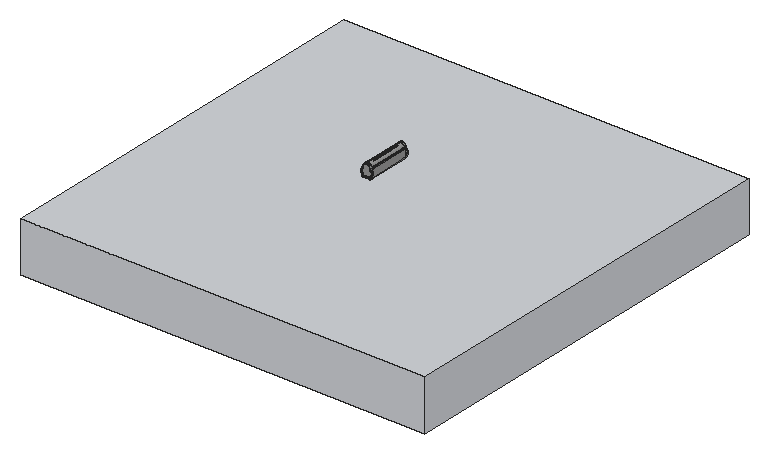
Revit family "L-trade II 12", category Осветительные приборы, Revit 2017 (continued)
Types (2, lengths in mm): name | built-in parameter 1150134 | Файл фотометрической сетки | built-in parameter 1150142 | built-in parameter 1150107 | Артикул
  L-trade II 12 5.0K Д | 2 | "L-trade II 12-15-Д-5.0-03.ies" | "䕉乓㩁䵌㘭ⴳ㤱㔹਍呛卅嵔䕌䕄ൌ嬊䅄䅔そ⸵㈰㈮㄰സ嬊䅍啎䅆嵃䕌䕄ൌ嬊啌䍍呁䱝琭慲敤䤠⁉㈱ㄯ⼵⿄⸵䬰〯ള嬊啌䥍䅎剉嵅⃿⃿‬痢‬Ⳣ‬⃨⃩⻲⻤†਍䱛䵁䍐呁䱝䑅਍䱛䵁嵐协䅒⁍啄䥒⁓㕓਍䥔呌丽乏൅ഊㄊㄠ㔶‰‱㜳ㄠㄠ㈠〠㈮ㄸ〠〮〵〠ㄮ㌱਍਍‱‱㔱਍਍〠㈠㔮㔠㜠㔮ㄠ‰㈱㔮ㄠ‵㜱㔮㈠‰㈲㔮㈠‵㜲㔮㌠‰㈳㔮㌠‵㜳㔮㐠‰㈴㔮㐠‵㜴㔮਍㔠‰㈵㔮㔠‵㜵㔮㘠‰㈶㔮㘠‵㜶㔮㜠‰㈷㔮㜠‵㜷㔮㠠‰㈸㔮㠠‵㜸㔮㤠രഊ 〠਍਍†ㄵ⸲㈳㔵㔉㐱㠮㔰षㄵ⸷㐶㄰㔉㘱㔮㜷लㄵ⸴㔴㐱㔉〱㔮㐵र〵⸵㐹〸㐉㠹㔮㜰श㠴⸸㐹㐱㐉㈸㔮㌶ह㜴⸴㘰㘰㐉㈶〮㐱ल㔴⸲〸㈲㐉㜴ㄮ㌳ळ㐴⸰〴㔱㐉㌲㜮㤴ल〴⸶㌰㤳㌉ㄹ㔮㜰ऴ㜳⸷㌳㈵㌉㤵㘮㤱ह㌳⸹㈴㔴㌉㈲㜮㈷ल〳⸲㌹ㄱ㈉㘷㌮㠵ल㘲⸰㘷㜸㈉㜳㜮㠳हㄲ⸶㠴㘰ㄉ㈹㜮㈴ऱ㜱⸰㘰㘶ㄉ㠴〮㤹श㌱⸰㠳㐴ㄉ㤰㐮〸ऴ㠸㈮㈲र〷ㄮ㈵व㈵〮㈸ह㔳〮㘷ल〲㔮㤴7" | 5000 (stored number, unit not read) | "205101500853300"
